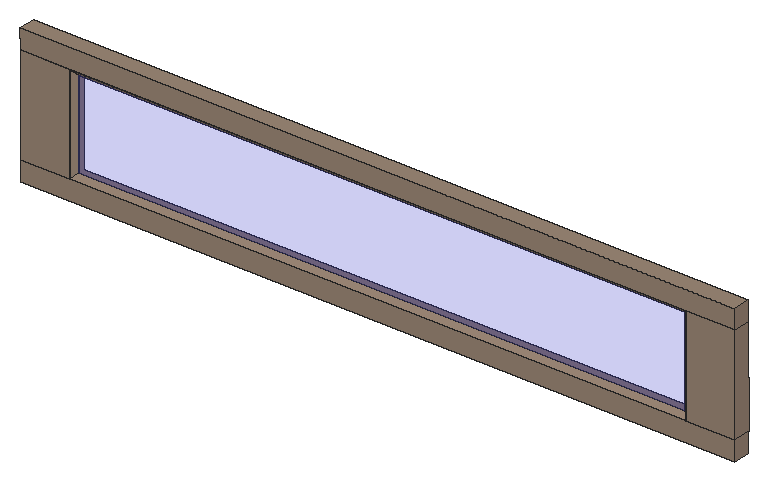
Revit family "Window-Exterior-Simpson-Craftsman-Transom", category Windows, host Wall, Revit 2012
Parameters (values of type "SEE CATALOG")
  Wood Species Note = "Available in Any Wood Species"  # constant formula
  Wood Species = "http://simpsondoor.com/e-catalog/#12"
  WaterBarrier with UltraBlock Technology = no
  WaterBarrier Note = "This Door Comes with The Option of WaterBarrier with UltraBlock Technology. It is Turn Off as a Default"  # constant formula
  UltraBlock Opion = yes
  UltraBlock Note = "This Door Comes with The Option of UltraBlock Technology. It is Turn On as a Default"  # constant formula
  URL = "http://www.simpsondoor.com/"
  Top Rail Height = 2"
  Sub-Series = "Craftsman"
  Product Page URL = "http://www.simpsondoor.com/door-products/search/results/?seriesID=11"
  Product Documentation Link = "http://www.simpsondoor.com/door-products/search/detail/?BaseSpecificationID=2865"
  Panel Thickness = 1 3/4"
  Panel Stile Width = 5"
  Panel = Wood - Simpson Doors - Douglas Fir
  Notes = "Dozens of glass textures and colors are available. For a list of standard options visit the Simpson web site or submit a custom glass request: http://simpsondoor.com/door-products/glass-options/"  # constant formula
  Model = "6181"
  Manufacturer = "Simpson Door Company"  # constant formula
  Height = 14"
  Glass Thickness = 3/4"
  Glass Options = "http://simpsondoor.com/e-catalog/#10"
  Glass = Glass - Simpson Doors - Clear
  Exterior Setback [instance] = 1"
  Description = "Transom"
  Default Sill Height = 70"
  Wall Closure = (empty or 0)
  Width = 72 3/4"
  Bottom Rail Height = 2"
  Assembly Code = "B2020100"
Values of the unnamed type that differ from the named types
  Wall Closure = By host
Reference planes (in)
  plane 1 "Center (Front/Back)": y = 0
  plane 2: z = 0
  plane 3 "Center (Left/Right)": x = 0
  plane 4 "Left": x = -36.375
  plane 5 "Right": x = 36.375
  plane 6 "Sill": z = 70
  plane 7 "Top": z = 84
  plane 8: y = 2
Lines and regions (in)
  Opening 1
    outline origin (-60, -3, 0) x (1, 0, 0) y (0, 0, 1)
      loop
        line (23.625, 84) -> (23.625, 70) -> (96.375, 70) -> (96.375, 84) -> (23.625, 84)
  symbolic lines, style "WindowsHiddenLines"
    curve 1: line (-36.375, -3, 0) -> (-36.375, 3, 0)
    curve 2: line (36.375, -3, 0) -> (36.375, 3, 0)
Text (in)
  text "EXTERIOR" at (-58.6888, 50.90694, 0), in view "Ref. Level"
  text "INTERIOR" at (-58.6888, -37.76638, 0), in view "Ref. Level"
  text "Exterior" at (0, 43.65631, 123.19604), in view "Left"
  text "Exterior" at (0, 18.29385, 125.04747), in view "Right"
Dimensions and locks (in)
  equal spacing: plane 4 "Left", plane 3 "Center (Left/Right)", plane 5 "Right"
  "Width": plane 4 "Left" to plane 5 "Right"
  "Height": plane 6 "Sill" to plane 7 "Top"
  "Default Sill Height": plane 2 to plane 6 "Sill"
  "Exterior Setback": host wall to plane 8
  aligned and locked: plane 7 "Top" to Opening 1 sketch curve
  aligned and locked: plane 6 "Sill" to Opening 1 sketch curve  (x2)
  aligned and locked: plane 5 "Right" to Opening 1 sketch curve
  aligned and locked: plane 4 "Left" to Opening 1 sketch curve
  aligned and locked: level to plane 2
  aligned and locked: nested 1 to plane 6 "Sill"
  aligned and locked: plane 3 "Center (Left/Right)" to nested 1
  aligned and locked: nested 1 to plane 8
  aligned and locked: curve 1 to plane 4 "Left"
  aligned and locked: curve 2 to plane 5 "Right"
  aligned and locked: host wall to curve 1  (x2)
  aligned and locked: host wall to curve 2  (x2)
Nested families (in)
  nested 1: "Craftsman_Transom-Glass_Panel" at (0, 2, 70), type "Transom-Panel"
Definition of nested family "Craftsman_Transom-Glass_Panel"
  Parameters (values of type "Transom-Panel")
    Window Width = Width - (Window Side Offset * 2)  # 62 3/4"
    Window Top Offset = 2"
    Window Thickness = 3/4"
    Window Side Offset = 5"
    Window Height = Panel Height - Window Top Offset - Bottom Offset  # 10"
    Width = 72 3/4"
    Bottom Offset = 2"
    Panel Thickness = 1 3/4"
    Panel Material = Wood - Simpson Doors - Douglas Fir
    Panel Height = 14"
    Glass Material = Glass - Simpson Doors - Clear
  Reference planes (in)
    plane 1 "Center (Front/Back)": y = 0
    plane 2 "Bottom": z = 0
    plane 3 "Center (Left/Right)": x = 0
    plane 4: x = -36.375
    plane 5: y = 0.875
    plane 6: x = 36.375
    plane 7: y = -0.875
    plane 8: z = 14
    plane 9: x = 31.375
    plane 10: x = -31.375
    plane 11: z = 12
    plane 12: z = 2
    plane 13: y = -0.375
    plane 14: y = 0.375
    plane 15: z = 7
  Forms (in)
    Extrusion 1, solid, material "Wood - Simpson Doors - Douglas Fir" <- "Panel Material"
      sketch origin (0, 0, 0) x (1, 0, 0) y (0, 0, 1)
        loop
          line (-36.375, 14) -> (-36.375, 12) -> (36.375, 12) -> (36.375, 14) -> (-36.375, 14)
        loop
          line (-36.375, 2) -> (-36.375, 0) -> (36.375, 0) -> (36.375, 2) -> (-36.375, 2)
      from -0.875 to 0.875
    Extrusion 2, solid, material "Glass - Simpson Doors - Clear" <- "Glass Material"
      sketch origin (0, 0, 0) x (1, 0, 0) y (0, 0, 1)
        loop
          line (-31.375, 12) -> (-31.375, 2) -> (31.375, 2) -> (31.375, 12) -> (-31.375, 12)
      from -0.375 to 0.375
    Sweep 3, solid, material "Wood - Simpson Doors - Douglas Fir" <- "Panel Material", detail levels medium+fine
      path origin (0, -0.375, 0) x (1, 0, 0) y (0, 0, 1)
        loop
          line (-31.375, 12) -> (-31.375, 2) -> (31.375, 2) -> (31.375, 12) -> (-31.375, 12)
      profile origin (0, -0.375, 12) x (0, 0, 1) y (0, -1, 0)
        loop
          line (0, 0) -> (0, 0.5) -> (-0.5, 0) -> (0, 0)
    Sweep 4, solid, material "Wood - Simpson Doors - Douglas Fir" <- "Panel Material", detail levels medium+fine
      path origin (0, 0.375, 0) x (1, 0, 0) y (0, 0, 1)
        loop
          line (-31.375, 12) -> (-31.375, 2) -> (31.375, 2) -> (31.375, 12) -> (-31.375, 12)
      profile origin (0, 0.375, 12) x (0, 0, 1) y (0, -1, 0)
        loop
          line (0, 0) -> (-0.5, 0) -> (0, -0.5) -> (0, 0)
    Extrusion 5, solid, material "Wood - Simpson Doors - Douglas Fir" <- "Panel Material"
      sketch origin (0, -0.875, 0) x (1, 0, 0) y (0, 0, 1)
        loop
          line (-36.375, 12) -> (-36.375, 2) -> (-31.375, 2) -> (-31.375, 12) -> (-36.375, 12)
        loop
          line (36.375, 12) -> (31.375, 12) -> (31.375, 2) -> (36.375, 2) -> (36.375, 12)
      from -1.75 to 0
  Lines and regions (in)
    Masking region 1
      outline origin (0, 0, 0) x (1, 0, 0) y (0, 1, 0)
        loop
          line (-36.375, 0.875) -> (-36.375, -0.875) -> (36.375, -0.875) -> (36.375, 0.875) -> (-36.375, 0.875)
    Masking region 2, detail levels fine
      outline origin (0, 0, 0) x (1, 0, 0) y (0, 1, 0)
        loop
          line (36.375, 0.875) -> (31.375, 0.875) -> (30.875, 0.375) -> (31.375, 0.375) -> (31.375, -0.375) -> (30.875, -0.375) -> (31.375, -0.875) -> (36.375, -0.875) -> (36.375, 0.875)
        loop
          line (-36.375, 0.875) -> (-36.375, -0.875) -> (-31.375, -0.875) -> (-30.875, -0.375) -> (-31.375, -0.375) -> (-31.375, 0.375) -> (-30.875, 0.375) -> (-31.375, 0.875) -> (-36.375, 0.875)
    Masking region 3, detail levels medium+fine
      outline origin (0, 0, 0) x (1, 0, 0) y (0, 1, 0)
        loop
          line (-31.375, 0.375) -> (-31.375, -0.375) -> (31.375, -0.375) -> (31.375, 0.375) -> (-31.375, 0.375)
    symbolic lines, style "DoorsGlassProjection", detail levels coarse
      curve 1: line (-31.375, 0, 0) -> (31.375, 0, 0)
    symbolic lines, style "DoorsPanelProjection"
      curve 2: line (-31.375, 0.875, 0) -> (-31.375, -0.875, 0)
      curve 3: line (31.375, 0.875, 0) -> (31.375, -0.875, 0)
  Dimensions and locks (in)
    equal spacing: plane 5, plane 1 "Center (Front/Back)", plane 7
    equal spacing: plane 4, plane 3 "Center (Left/Right)", plane 6
    "Width": plane 4 to plane 6
    "Panel Thickness": plane 5 to plane 7
    "Panel Height": plane 8 to level
    "Window Side Offset": plane 10 to plane 4
    "Window Top Offset": plane 8 to plane 11
    "Window Width": plane 9 to plane 10
    equal spacing: plane 14, plane 1 "Center (Front/Back)", plane 13
    "Window Thickness": plane 14 to plane 13
    equal spacing: plane 11, plane 15, plane 12
    "Bottom Offset": plane 12 to level
    locked: Sweep 4 sketch curve to plane 11 (angle 45.00°)
    locked: plane 11 to Sweep 3 sketch curve (angle 45.00°)
    aligned and locked: plane 2 "Bottom" to level
    aligned and locked: Extrusion 1 sketch curve to plane 4  (x2)
    aligned and locked: Extrusion 1 sketch curve to plane 12
    aligned and locked: Extrusion 1 sketch curve to plane 6  (x2)
    aligned and locked: Extrusion 1 sketch curve to level
    aligned and locked: Extrusion 1 sketch curve to plane 8
    aligned and locked: Extrusion 1 sketch curve to plane 11
    aligned and locked: plane 5 to Extrusion 1
    aligned and locked: Extrusion 1 to plane 7
    aligned and locked: Extrusion 2 sketch curve to plane 11
    aligned and locked: Extrusion 2 sketch curve to plane 9
    aligned and locked: Extrusion 2 sketch curve to plane 10
    aligned and locked: Extrusion 2 sketch curve to plane 12
    aligned and locked: Extrusion 2 to plane 14
    aligned and locked: Extrusion 2 to plane 13
    aligned and locked: Extrusion 1 to Sweep 3 sketch curve  (x2)
    aligned and locked: plane 11 to Sweep 3 sketch curve
    aligned and locked: plane 13 to Sweep 3 sketch curve
    aligned and locked: plane 7 to Sweep 3 sketch curve
    aligned and locked: plane 5 to Sweep 4 sketch curve
    aligned and locked: plane 11 to Sweep 4 sketch curve
    aligned and locked: plane 14 to Sweep 4 sketch curve
    aligned and locked: Masking region 1 sketch curve to Extrusion 1  (x4)
    aligned and locked: plane 1 "Center (Front/Back)" to curve 1
    aligned and locked: plane 10 to curve 1
    aligned and locked: plane 9 to curve 1
    aligned and locked: curve 2 to plane 10
    aligned and locked: curve 3 to plane 9
    aligned and locked: plane 7 to curve 2
    aligned and locked: plane 5 to curve 2
    aligned and locked: plane 5 to curve 3
    aligned and locked: plane 7 to curve 3
    aligned and locked: Masking region 2 sketch curve to Extrusion 1  (x4)
    aligned and locked: Masking region 2 sketch curve to Sweep 3  (x2)
    aligned and locked: Masking region 2 sketch curve to Sweep 4  (x3)
    aligned and locked: Masking region 2 sketch curve to Extrusion 2  (x3)
    aligned and locked: plane 5 to Masking region 2 sketch curve
    aligned and locked: plane 14 to Masking region 2 sketch curve
    aligned and locked: Masking region 2 sketch curve to plane 13
    aligned and locked: Masking region 2 sketch curve to plane 7
    aligned and locked: Masking region 3 sketch curve to Extrusion 2  (x4)
    aligned and locked: Extrusion 5 sketch curve to Extrusion 1  (x4)
    aligned and locked: Extrusion 5 sketch curve to Extrusion 2  (x3)
    aligned and locked: Extrusion 2 to Extrusion 5 sketch curve
    aligned and locked: plane 5 to Extrusion 5
    aligned and locked: Extrusion 5 to plane 7
  Automatic sketch dimensions
    Sweep 4 sketch curve to Extrusion 2 = 0"  (x3)
    Extrusion 2 to Sweep 4 sketch curve = 0"
    Extrusion 2 to Sweep 3 sketch curve = 0"
    Sweep 3 sketch curve to Extrusion 2 = 0"
Types in the file's own list only (13): name | Top Rail Height | Sub-Series | Product Documentation Link | Model | Description | Wall Closure | Width | Bottom Rail Height
  6784 Holbrook Transom 36x14 | 2 13/16" | "Holbrook" | "http://www.simpsondoor.com/door-products/search/detail/?BaseSpecificationID=453" | "6784" | "3'-0\" Holbrook Transom" | By host | 36" | 2 13/16"
  6784 Holbrook Transom 72.75x14 | 2" | "Holbrook" | "http://www.simpsondoor.com/door-products/search/detail/?BaseSpecificationID=553" | "6784" | "6'-0\" Holbrook Transom" | By host | 72 3/4" | 2"
  6786 Four Square Transom 36x14 | 2 13/16" | "Four Square" | "http://www.simpsondoor.com/door-products/search/detail/?BaseSpecificationID=2484" | "6786" | "3'-0\" Four Square Transom" | By host | 36" | 2 13/16"
  6786 Four Square Transom 72.75x14 | 2" | "Four Square" | "http://www.simpsondoor.com/door-products/search/detail/?BaseSpecificationID=2881" | "6786" | "6'-0\" Four Square Transom" | By host | 72 3/4" | 2"
  6787 Solano Transom 36x14 | 2 13/16" | "Solano" | "http://www.simpsondoor.com/door-products/search/detail/?BaseSpecificationID=554" | "6787" | "3'-0\" Solano Transom" | By host | 36" | 2 13/16"
  6787 Solano Transom 72.75x14 | 2" | "Solano" | "http://www.simpsondoor.com/door-products/search/detail/?BaseSpecificationID=447" | "6787" | "6'-0\" Solano Transom" | By host | 72 3/4" | 2"
  6789 Ravenna Transom 36x14 | 2 13/16" | "Ravenna" | "http://www.simpsondoor.com/door-products/search/detail/?BaseSpecificationID=1509" | "6789" | "3'-0\" Ravenna Transom" | By host | 36" | 2 13/16"
  6789 Ravenna Transom 72.75x14 | 2" | "Ravenna" | "http://www.simpsondoor.com/door-products/search/detail/?BaseSpecificationID=1512" | "6789" | "6'-0\" Ravenna Transom" | By host | 72 3/4" | 2"
  6781 California Poppy Transom 72.75x14 | 2" | "California Poppy" | "http://www.simpsondoor.com/door-products/search/detail/?BaseSpecificationID=2865" | "6781" | "6'-0\" California Poppy Transom" | By host | 72 3/4" | 2"
  6782 Scottsdale Cactus Transom 72.75x14 | 2" | "Scottsdale Cactus" | "http://www.simpsondoor.com/door-products/search/detail/?BaseSpecificationID=2866" | "6782" | "6'-0\" Scottsdale Cactus Transom" | By host | 72 3/4" | 2"
  6785 Northwest Garden Transom 72.75x14 | 2" | "Northwest Garden" | "http://www.simpsondoor.com/door-products/search/detail/?BaseSpecificationID=2867" | "6785" | "6'-0\" Northwest Garden Transom" | By host | 72 3/4" | 2"
  7751 Craftsman Transom 36x14 | 2 13/16" | "Craftsman" | "http://www.simpsondoor.com/door-products/search/detail/?BaseSpecificationID=830" | "7751" | "3'-0\" Craftsman Transom" | By host | 36" | 2 13/16"
  7751 Craftsman Transom 72.75x14 | 2 13/16" | "Craftsman" | "http://www.simpsondoor.com/door-products/search/detail/?BaseSpecificationID=608" | "7751" | "6'-0\" Craftsman Transom" | By host | 72 3/4" | 2 13/16"
